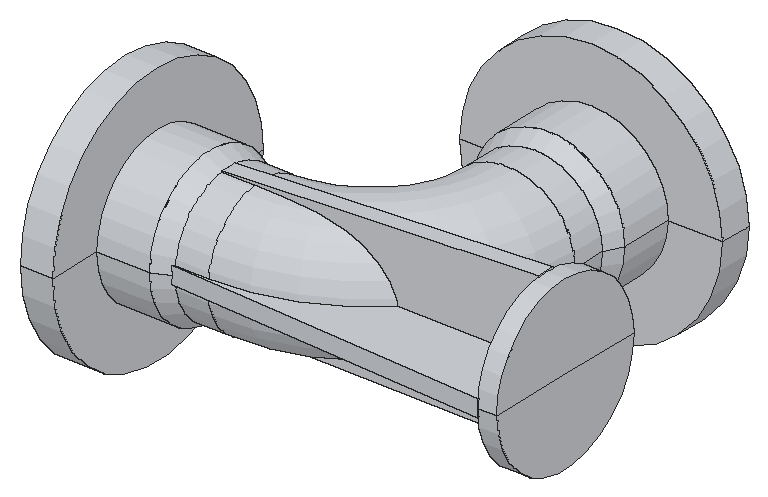
Revit family "477dd5a5d8dc4d6c8b2f67143dc3ca5e", category Pipe Fittings, Revit 2021
Family settings
  Round Connector Dimension = Use Radius
  Part Type = Elbow
  OmniClass Number = 23.60.30.11.14
  OmniClass Title = Pipework Fittings
  Seek Item ID = Elbow - Threaded - MI - Class 300-0000-USA-ENU
  Work Plane-Based = No
  Always vertical = Yes
  Cut with Voids When Loaded = No
  Shared = No
Parameters (values of type "Standard")
  Tick Size [instance] = Fitting Outside Diameter * 0.4  # 1.5840"
  Socket Outside Radius [instance] = Socket Outside Diameter / 2  # 2.2400"
  Socket Outside Diameter [instance] = size_lookup(Lookup Table Name, "SOD", 1.08 * Nominal Diameter + 1.1200", Nominal Diameter)  # 4.4800"
  Socket Depth [instance] = if(Nominal Diameter < 14.0000", 2.5000", if(Nominal Diameter < 30.0000", 3.5000", 4.0000"))  # 2.5000"
  Round Base Radius [instance] = Round Base Diameter / 2  # 2.5000"
  Round Base Diameter [instance] = size_lookup(Lookup Table Name, "RBD", 0.43 * Nominal Diameter + 4.7200", Nominal Diameter)  # 5.0000"
  Rib Thickness [instance] = size_lookup(Lookup Table Name, "RThk", 0.03 * Nominal Diameter + 0.4900", Nominal Diameter)  # 0.5000"
  Lookup Table Name = "Base Bend - MJ - GI - Class 250"
  Length 9 [instance] = if(Fitting Outside Radius > Round Base Radius, Round Base Radius, Fitting Outside Radius)  # 1.9800"
  Length 8 [instance] = if(Length 7 < 0.0000", Round Base Radius, Fitting Outside Radius + Length 7)  # 2.24264"
  Length 7 [instance] = tan(Angle 1) * (Center to Socket Bottom - Bevel Length)  # 0.26264"
  Length 6 [instance] = Center to Face + Center to Socket Bottom - Bevel Length  # 9.8600"
  Length 5 [instance] = Length 4 + Bevel Length + Socket Depth  # 4.0000"
  Length 4 [instance] = Center to Socket Bottom - Bevel Length - Length 1  # 0.9800"
  Length 3 [instance] = sin(Angle) * (Center to Socket Bottom + Socket Depth)  # 8.0000"
  Length 2 [instance] = cos(Angle) * (Center to Socket Bottom + Socket Depth)  # 0.0000"
  Length 1 [instance] = tan(Angle / 2) * Center Radius  # 4.0000"
  Length 11 [instance] = Center to Face + Length 1 - Length 10  # 6.94351"
  Length 10 [instance] = sqrt((Center Radius + (Center Radius - Rib Thickness)) * Rib Thickness)  # 1.93649"
  Gland Width [instance] = size_lookup(Lookup Table Name, "GWid", 0.03 * Nominal Diameter + 0.9400", Nominal Diameter)  # 0.9400"
  Gland Outside Radius [instance] = Gland Outside Diameter / 2  # 3.8450"
  Gland Outside Diameter [instance] = size_lookup(Lookup Table Name, "GOD", 1.16 * Nominal Diameter + 4.0300", Nominal Diameter)  # 7.6900"
  Fitting Outside Radius [instance] = Fitting Outside Diameter / 2  # 1.9800"
  Fitting Outside Diameter [instance] = size_lookup(Lookup Table Name, "FOD", 1.04 * Nominal Diameter + 0.7000", Nominal Diameter)  # 3.9600"
  Nominal Radius [instance] = 1.5000"
  Nominal Diameter [instance] = Nominal Radius * 2  # 3.0000"
  Loss Method = K Coefficient from Table
  K Coefficient Table = "Long Radius Elbow"
  Default Elevation = 0.0000"
  Center to Socket Bottom [instance] = size_lookup(Lookup Table Name, "CtSB", Center to Socket Bottom Not Found, Nominal Diameter, Angle)  # 5.5000"
  Center to Socket Bottom Not Found [instance] = tan(Angle / 2) * Center Radius + Bevel Length + 1.0000"  # 5.5200"
  Center to Face [instance] = size_lookup(Lookup Table Name, "CtF", 0.65 * Nominal Diameter + 3.1200", Nominal Diameter)  # 4.8800"
  Center Radius [instance] = size_lookup(Lookup Table Name, "CRad", 0.69 * Nominal Diameter + 1.8100", Nominal Diameter, Angle)  # 4.0000"
  Bevel Length [instance] = size_lookup(Lookup Table Name, "BvLgt", 0.04 * Nominal Diameter + 0.4300", Nominal Diameter)  # 0.5200"
  Base Thickness [instance] = size_lookup(Lookup Table Name, "BThk", 0.03 * Nominal Diameter + 0.4900", Nominal Diameter)  # 0.5600"
  Assembly Code = ""
  Angle 1 [instance] = atan((Round Base Radius - Fitting Outside Radius) / Length 6)  # 3.01889°
  Angle [instance] = 90.00°  # constant formula
Reference planes (in)
  plane 1 "Center (Front/Back)": y = 0
  plane 2: z = 0
  plane 3 "Center (Left/Right)": x = 0
  plane 4: x = -4
  plane 5: x = -4.98
  plane 6: y = 4
  plane 7: y = 1.584
  plane 8: y = -1.584
  plane 9: x = 0
  plane 10: y = 8
  plane 11: x = -8
  plane 12: x = -7.06
  plane 13: y = 3.845
  plane 14: y = 2.24
  plane 15: y = 1.98
  plane 16: x = -5.5
  plane 17: x = 4.32
  plane 18: x = 4.88
  plane 19: y = 0.25
  plane 20: y = -0.25
  plane 21: z = 0.25
  plane 22: z = -0.25
  plane 23: y = 2.5
  plane 24: z = 2.5
  plane 25: z = -2.5
  plane 26: z = 1.98
  plane 27: z = -1.98
  plane 28: y = -2.5
Forms (in)
  Sweep 1, solid, detail levels fine
    path in 3D
      loop
        arc (-4, 0, 0) -> (-1.17157, 1.17157, 0) -> (0, 4, 0) r 4
    profile origin (-1.17157, 1.17157, 0) x (-0.707107, 0.707107, 0) y (0, 0, 1)
      loop
        circle (0, 0) r 1.98
  Revolve 2, solid, detail levels fine
    sketch origin (0, 8, 0) x (0, -1, 0) y (1, 0, 0)
      loop
        line (0, 0) -> (0, -3.845) -> (0.94, -3.845) -> (0.94, -2.24) -> (2.5, -2.24) -> (3.02, -1.98) -> (4, -1.98) -> (4, 0) -> (0, 0)
      axis (0, 0) -> (4, 0)
    angle from 0 to 360
  Revolve 3, solid, detail levels fine
    sketch origin (0, 0, 0) x (1, 0, 0) y (0, 1, 0)
      loop
        line (-8, 0) -> (-4, 0) -> (-4, 1.98) -> (-4.98, 1.98) -> (-5.5, 2.24) -> (-7.06, 2.24) -> (-7.06, 3.845) -> (-8, 3.845) -> (-8, 0)
      loop
        line (4.32, 0) -> (4.88, 0) -> (4.88, 2.5) -> (4.32, 2.5) -> (4.32, 0)
      axis (-8, 0) -> (4.88, 0)
    angle from 0 to 360
  Extrusion 4, solid, detail levels fine
    sketch origin (0, 0, 0) x (1, 0, 0) y (0, 0, 1)
      loop
        line (4.32, 2.5) -> (-4.98, 1.98) -> (-4.98, -1.98) -> (4.32, -1.98) -> (4.32, 2.5)
    from -0.25 to 0.25
  Extrusion 5, solid, detail levels fine
    sketch origin (0, 0, 0) x (1, 0, 0) y (0, 1, 0)
      loop
        line (4.32, 2.5) -> (0, 2.24264) -> (0, 0) -> (-5.5, 0) -> (-5.5, -1.98) -> (4.32, -2.5) -> (4.32, 2.5)
    from -0.25 to 0.25
Cuts and joins
  joined: Extrusion 4, Extrusion 5
  joined: Sweep 1, Revolve 2, Revolve 3
Lines and regions (in)
  model lines, style "PipeFitting", detail levels coarse+medium
    curve 1: line (-8, 0, 0) -> (4.88, 0, 0)
    curve 2: arc (-4, 0, 0) -> (-1.17157, 1.17157, 0) -> (0, 4, 0) r 4
    curve 3: line (0, 4, 0) -> (0, 8, 0)
    curve 10: line (-2.06351, 0.5, 0) -> (4.88, 0.5, 0)
  sketch lines
    curve 4: arc (-4, 0, 0) -> (-1.17157, 1.17157, 0) -> (0, 4, 0) r 4
  model lines, detail levels coarse+medium
    curve 5: line (-8, 0, 0) -> (-8, 1.584, 0)
    curve 6: line (-8, 0, 0) -> (-8, -1.584, 0)
    curve 7: line (0, 8, 0) -> (-1.584, 8, 0)
    curve 8: line (0, 8, 0) -> (1.584, 8, 0)
  reference lines, not visible
    curve 9: line (0, 8, 0) -> (0, 0.68528, 0)
Dimensions and locks (in)
  "Center Radius": plane 6 to plane 1 "Center (Front/Back)"
  "Tick Size": plane 7 to plane 1 "Center (Front/Back)"
  "Tick Size": plane 8 to plane 1 "Center (Front/Back)"
  "Tick Size": curve 7 to curve 7
  "Tick Size": curve 8 to curve 8
  "Socket Outside Radius": Revolve 2 sketch curve to Revolve 2 sketch curve
  "Gland Width": Revolve 2 sketch curve to Revolve 2 sketch curve
  "Fitting Outside Radius": Revolve 2 sketch curve to Revolve 2 sketch curve
  "Gland Outside Radius": Revolve 2 sketch curve to Revolve 2 sketch curve
  "Socket Depth": Revolve 2 sketch curve to Revolve 2 sketch curve
  "Length 1": plane 4 to plane 3 "Center (Left/Right)"
  "Length 3": plane 10 to plane 1 "Center (Front/Back)"
  "Gland Width": plane 11 to plane 12
  "Fitting Outside Radius": plane 15 to plane 1 "Center (Front/Back)"
  "Socket Outside Radius": plane 14 to plane 1 "Center (Front/Back)"
  "Gland Outside Radius": plane 13 to plane 1 "Center (Front/Back)"
  "Bevel Length": plane 16 to plane 5
  "Socket Depth": plane 11 to plane 16
  "Center to Socket Bottom": plane 16 to plane 3 "Center (Left/Right)"
  "Length 2": plane 3 "Center (Left/Right)" to plane 9
  "Length 5": Revolve 2 sketch curve to Revolve 2 sketch curve
  equal spacing: plane 21, plane 2, plane 22
  "Rib Thickness": plane 21 to plane 22
  equal spacing: plane 20, plane 1 "Center (Front/Back)", plane 19
  "Rib Thickness": plane 20 to plane 19
  "Round Base Radius": plane 23 to plane 1 "Center (Front/Back)"
  "Center to Face": plane 3 "Center (Left/Right)" to plane 18
  "Base Thickness": plane 17 to plane 18
  "Fitting Outside Radius": plane 26 to plane 2
  "Fitting Outside Radius": plane 2 to plane 27
  "Round Base Radius": plane 24 to plane 2
  "Round Base Radius": plane 2 to plane 25
  "Round Base Radius": plane 28 to plane 1 "Center (Front/Back)"
  "Length 8": plane 1 "Center (Front/Back)" to Extrusion 5 sketch curve
  "Length 9": Extrusion 5 sketch curve to plane 1 "Center (Front/Back)"
  "Length 9": Extrusion 4 sketch curve to plane 2
  "Length 9": plane 2 to Extrusion 4 sketch curve
  "Rib Thickness": plane 1 "Center (Front/Back)" to curve 10
  "Length 11": curve 10 to curve 10
  "Length 4": Revolve 2 sketch curve to Revolve 2 sketch curve
  "Center Radius": radius of curve 2
  "Fitting Outside Radius": radius of Sweep 1 sketch curve
  "Angle": angle curve 2 to curve 2
  "Angle": angle plane 1 "Center (Front/Back)" to curve 3
  locked: curve 8 to curve 3 (angle 90.00°)
  locked: curve 3 to curve 7 (angle 90.00°)
  "Angle": angle plane 10 to curve 9
  aligned and locked: plane 4 to curve 2
  aligned and locked: plane 7 to curve 5
  aligned and locked: plane 1 "Center (Front/Back)" to curve 6
  aligned and locked: plane 8 to curve 6
  aligned and locked: plane 9 to curve 9
  aligned and locked: plane 10 to curve 9
  aligned and locked: Revolve 2 sketch curve to curve 9
  aligned and locked: curve 6 to plane 11
  aligned and locked: plane 13 to Revolve 3 sketch curve
  aligned and locked: plane 11 to Revolve 3 sketch curve
  aligned and locked: Revolve 3 sketch curve to plane 12
  aligned and locked: plane 14 to Revolve 3 sketch curve
  aligned and locked: Revolve 3 sketch curve to plane 4
  aligned and locked: plane 16 to Revolve 3 sketch curve
  aligned and locked: plane 5 to Revolve 3 sketch curve
  aligned and locked: Revolve 3 sketch curve to plane 15
  aligned and locked: Revolve 3 sketch curve to plane 1 "Center (Front/Back)"
  aligned and locked: plane 17 to Revolve 3 sketch curve
  aligned and locked: Revolve 3 sketch curve to plane 18
  aligned and locked: Revolve 3 sketch curve to plane 23
  aligned and locked: plane 19 to Extrusion 4
  aligned and locked: plane 20 to Extrusion 4
  aligned and locked: plane 17 to Extrusion 5 sketch curve
  aligned and locked: plane 28 to Extrusion 5 sketch curve
  aligned and locked: plane 23 to Extrusion 5 sketch curve
  aligned and locked: plane 1 "Center (Front/Back)" to Extrusion 5 sketch curve
  aligned and locked: plane 9 to Extrusion 5 sketch curve
  aligned and locked: Extrusion 5 sketch curve to plane 16
  aligned and locked: plane 22 to Extrusion 5
  aligned and locked: plane 21 to Extrusion 5
  aligned and locked: plane 24 to Extrusion 4 sketch curve
  aligned and locked: plane 18 to curve 1
  aligned and locked: plane 18 to curve 10
Automatic sketch dimensions
  Sweep 1 sketch curve to profile plane = 0.0000"  (x2)
  plane 1 "Center (Front/Back)" to Revolve 3 sketch curve = 0.0000"  (x2)
  Revolve 3 sketch curve to plane 4 = 0.0000"
  Revolve 3 sketch curve to Revolve 3 sketch curve = 0.7500"
  Extrusion 4 sketch curve to plane 5 = 0.0000"
  Extrusion 4 sketch curve to plane 17 = 0.0000"
  curve 8 to plane 10 = 0.0000"
  Revolve 2 sketch curve to curve 9 = 0.0000"  (x2)
  Revolve 2 sketch curve to Revolve 2 sketch curve = 1.0000"
  Revolve 2 sketch curve to Revolve 2 sketch curve = 0.78127"
Connectors (in)
  piping at (-8, 0, 0), diameter 3, driven by "Angle", driven by "Nominal Radius"
    settings: on Revolve 3, index 1, connector inside diameter 3.0000", connector length 0.0000", flow factor 0, pipe flow 0 GPM, pressure drop 0.00 psi, fitting loss kfactor 0, connector angle 90.00°, fixture units 0, engagement length 0.0000", angle of deflection 0.00°, flow configuration 0, flow direction 0, fitting loss method 0, system type 28, joint type 0, gender type 0, connector reference index 2, connector utility 0, adjustable connector no, is connector primary yes, connector description ""
  piping at (0, 8, 0), diameter 3, driven by "Angle", driven by "Nominal Radius"
    settings: on Revolve 2, index 2, connector inside diameter 3.0000", connector length 0.0000", flow factor 0, pipe flow 0 GPM, pressure drop 0.00 psi, fitting loss kfactor 0, connector angle 90.00°, fixture units 0, engagement length 0.0000", angle of deflection 0.00°, flow configuration 0, flow direction 0, fitting loss method 0, system type 28, joint type 0, gender type 0, connector reference index 1, connector utility 0, adjustable connector no, is connector primary no, connector description ""
